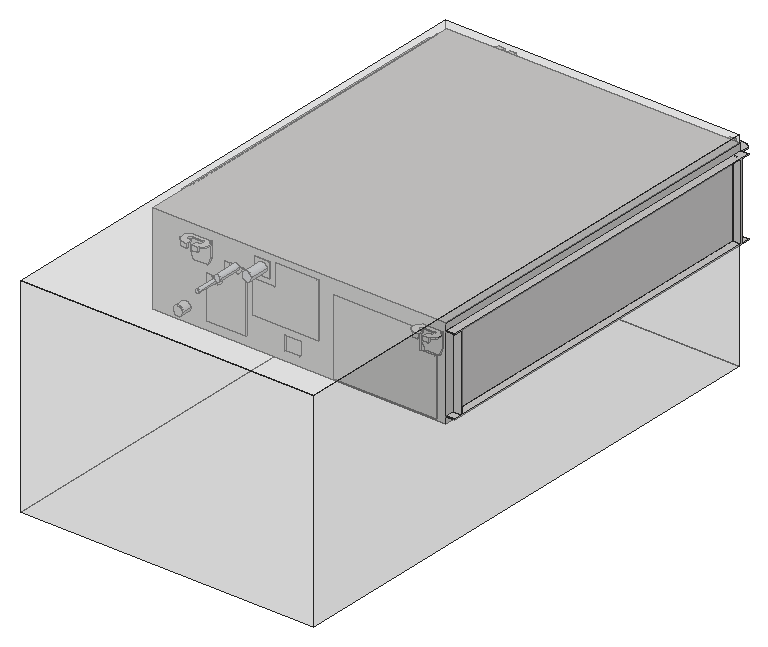
Revit family "outputfile", category 機械設備, Revit 2024
Family settings
  丸型コネクタ寸法 = 半径を使用
  パーツ タイプ = 標準
  OmniClass 番号 = 23.75.10.24.21.27.27
  OmniClass タイトル = Split System Air Conditioning Units
  作業面ベース = いいえ
  常に垂直 = はい
  ロード時にボイドで切り取り = いいえ
  注釈の向きを維持 = いいえ
  共有 = いいえ
  部屋計算ポイント = はい
Parameters (values of type "FXSQ80PAVE")
  Description = ""
  製造元 = "Daikin"
  書き出し IFC クラス(タイプ) = "IfcUnitaryEquipmentType"
  定義済み IFC タイプ(タイプ) = "AIRCONDITIONINGUNIT"
  Cost = 0
  モデル = "FXSQ80PAVE"
  Type Comments = ""
  Keynote = ""
  Type Image = (empty or 0)
  Assembly Code = ""
  r_Liquid Pipe Size = Liquid Pipe Size / 2  # 4.75 mm
  r_Gas Pipe Size = Gas Pipe Size / 2  # 7.95 mm
  r_Drain Pipe Size = Drain Pipe Size / 2  # 12.5 mm
  lw_power = 770.0 mm  # constant formula
  lh_SA = 138.0 mm  # constant formula
  lw_SA = if(Depth = 550.0 mm, 225.0 mm, if(Depth = 700.0 mm, 300.0 mm, if(Depth = 1000.0 mm, 450.0 mm, if(Depth = 1400.0 mm, 650.0 mm, 725.0 mm))))  # 450.0 mm
  lw_RA = if(Depth = 550.0 mm, 275.0 mm, if(Depth = 700.0 mm, 349.0 mm, if(Depth = 1000.0 mm, 499.0 mm, if(Depth = 1400.0 mm, 699.0 mm, 775.0 mm))))  # 499.0 mm
  lh_power = 60.0 mm + [h***]  # 60.0 mm
  lh_mountinghole1 = lh_mountinghole + [h***]  # 222.0 mm
  lh_RA = 123.0 mm  # constant formula
  ld_power = Depth / 2  # 500.0 mm
  Voltage_comment_60Hz = "220"
  Voltage_comment_50Hz = "220-240"
  Voltage_60Hz = 220 V
  Voltage_50Hz = 220 V
  URL = ""
  Supply Air Direction [instance] = yes
  Sound Power Level_H speed (dB) = 65.5
  Phase_60Hz = 1
  Phase_50Hz = 1
  Minimum External Static Pressure = 50.00 Pa
  Minimum Circuit Amps_60Hz = 1.8 A
  Minimum Circuit Amps_50Hz = 1.8 A
  Maximum Fuse Amps_60Hz = 16.0 A
  Maximum Fuse Amps_50Hz = 16.0 A
  Maximum External Static Pressure = 150.00 Pa
  Material_Casing = DAIKIN_GalvanizedSteel_Casing_indoorunit
  lw_mountinghole = 630.0 mm  # constant formula
  lh_gaspipe = 183.0 mm + [h***]  # 183.0 mm
  lh_mountinghole = 222.0 mm  # constant formula
  lh_liquidpipe = 136.0 mm + [h***]  # 136.0 mm
  lh_drainpipe = 207.0 mm + [h***]  # 207.0 mm
  lh_antena = Height - lh_mountinghole + 1.0 mm  # 24.0 mm
  ld_drainpipe = Depth / 2 + 53.0 mm  # 553.0 mm
  ld_liquidpipe = Depth / 2 + 69.0 mm  # 569.0 mm
  ld_gaspipe = Depth / 2 + 65.0 mm  # 565.0 mm
  ld_mountinghole = Depth + 38.0 mm  # 1038.0 mm
  h*** = 0.0 mm  # constant formula
  lw_liquidpipe = 179.0 mm  # constant formula
  lw_gaspipe = 229.0 mm  # constant formula
  lw_drainpipe = 300.0 mm  # constant formula
  Width = 800.0 mm
  Version = "ver.1.0"
  Unit Type = "Middle Static Pressure Duct Type"
  Unit Mass Weight = 37.00 kg
  Unit Designation [instance] = ""
  Uniclass2015Version = "Products v1.30"
  Uniclass2015Title = "Variable refrigerant flow units"
  Uniclass2015Code = "Pr_70_65_03_94"
  Total Heating Capacity [instance] = 0.000 kW
  Total Cooling Capacity [instance] = 0.000 kW
  Sound Pressure Level_M speed (dBA) = 0
  Sound Pressure Level_L speed (dBA) = 30
  Sound Pressure Level_H speed (dBA) = 37.5
  Series = "VRV Fan Coil Unit"
  Sensible Cooling Capacity [instance] = 0.000 kW
  SA Duct Size Width = if(Depth = 550.0 mm, 337.0 mm, if(Depth = 700.0 mm, 492.0 mm, if(Depth = 1000.0 mm, 792.0 mm, if(Depth = 1400.0 mm, 1192.0 mm, 1337.0 mm))))  # 792.0 mm
  SA Duct Size Height = 176.0 mm
  Refrigerant Type = "R410A"
  RA Duct Size Width = if(Depth = 550.0 mm, 502.0 mm, if(Depth = 700.0 mm, 654.0 mm, if(Depth = 1000.0 mm, 952.0 mm, if(Depth = 1400.0 mm, 1352.0 mm, 1502.0 mm))))  # 952.0 mm
  RA Duct Size Height = 208.0 mm
  Power Input (Heating) = 0.225 kW
  Power Input (Cooling) = 0.230 kW
  Option Accessory 3 [instance] = ""
  Option Accessory 2 [instance] = ""
  Option Accessory 1 [instance] = ""
  Nominal Heating Capacity = 10.000 kW
  Nominal Cooling Capacity = 9.000 kW
  Minimum Airflow = 960.00 m³/h
  Median Airflow = 1170.00 m³/h
  Maximum Airflow = 1380.00 m³/h
  Load Classification = HVAC
  Liquid Pipe Size = 9.5 mm
  Link_Nested Family [instance] = ""
  IfcVersion = "0"
  IfcExportType = "AIRCONDITIONINGUNIT"
  IfcExportAs = "IfcUnitaryEquipmentType"
  Height = 245.0 mm
  Heating Entering Wet Bulb Temperature [instance] = 0.00 °C
  Heating Entering Dry Bulb Temperature [instance] = 0.00 °C
  Heating Ambient Wet Bulb Temperature [instance] = 0.00 °C
  Heating Ambient Dry Bulb Temperature [instance] = 0.00 °C
  Heat Exchanger Type = "Cross Fin Coil"
  Gas Pipe Size = 15.9 mm
  Frequency_60Hz = 60 Hz
  Frequency_50Hz = 50 Hz
  Fan Type = "Sirocco Fan"
  Fan Drive = "Direct Drive"
  FCU Tag No. [instance] = ""
  Drain Pipe Size = 25.0 mm
  Design Supply Airflow [instance] = 0.00 m³/h
  Design Return Airflow [instance] = 0.00 m³/h
  Design External Static Pressure [instance] = 0.00 Pa
  Depth = 1000.0 mm
  既定の高さ = 0.0 mm
  Cooling Entering Wet Bulb Temperature [instance] = 0.00 °C
  Cooling Entering Dry Bulb Temperature [instance] = 0.00 °C
  Cooling Ambient Wet Bulb Temperature [instance] = 0.00 °C
  Cooling Ambient Dry Bulb Temperature [instance] = 0.00 °C
  Clearance visibility [instance] = yes
  Clearance Top = 20.0 mm
  Clearance Right = 0.0 mm
  Clearance Rear = 0.0 mm
  Clearance Left = 0.0 mm
  Clearance Front = 450.0 mm
  Clearance Bottom = 300.0 mm
Reference planes
  plane 1 "Center (Front/Back)": y = 0
  plane 2 "h": z = 0
  plane 3 "Center (Left/Right)": x = 0
  plane 4 "Back": y = 500
  plane 5 "Front": y = -500
  plane 6 "Left": x = -400
  plane 7 "Reight": x = 400
  plane 8 "Top": z = 0
  plane 9 "Bottom": z = -245
  plane 10: y = -215
  plane 11: y = 500
  plane 12: y = -950
  plane 13: x = -400
  plane 14: x = 400
  plane 15: z = 20
  plane 16: z = -545
  plane 17: x = -400
  plane 18: x = -399
  plane 19: x = 399
  plane 20: y = 50
  plane 21: y = -1
  plane 22: z = -122
  plane 23: y = -501
  plane 24: z = -109
  plane 25: x = -221
  plane 26: y = -565
  plane 27: z = -62
  plane 28: x = -171
  plane 29: y = -553
  plane 30: z = -38
  plane 31: x = -100
  plane 32: x = -100
  plane 33: x = -221
  plane 34: x = -171
  plane 35: x = 370
  plane 36: x = -266
  plane 37: x = 364
  plane 38: y = -519
  plane 39: y = 519
  plane 40: z = -23
  plane 41: z = -107
  plane 42: y = -570
  plane 43: z = -207
  plane 44: x = -309
  plane 45: y = -526
  plane 46: x = -251
  plane 47: x = -203
  plane 48: x = -144
  plane 49: z = -59
  plane 50: z = -106
  plane 51: z = -221
  plane 52: z = -109
  plane 53: x = -221
  plane 54: z = -62
  plane 55: x = -171
  plane 56: z = -17
  plane 57: z = -59
  plane 58: x = -121
  plane 59: x = -79
  plane 60: x = -125
  plane 61: x = -64
  plane 62: x = 53
  plane 63: z = -164
  plane 64: z = -73
  plane 65: z = -16
  plane 66: x = 93.5
  plane 67: x = 374.5
  plane 68: x = 330
  plane 69: z = -88.5
  plane 70: z = -38
  plane 71: z = -242.5
  plane 72: x = -38.5
  plane 73: x = 6.5
  plane 74: z = -181
  plane 75: z = -221
  plane 76: y = -499
  plane 77: x = -424
  plane 78: x = 424
Forms (mm)
  Extrusion 1, solid, material "DAIKIN_GalvanizedSteel_Casing_indoorunit" <- "Material_Casing"
    sketch origin (0, 0, 0) x (1, 0, 0) y (0, 1, 0)
      loop
        line (-399, 500) -> (-399, -500) -> (399, -500) -> (399, 500) -> (-399, 500)
    from -245 to 0
  Extrusion 2, solid, material "DAIKIN_GalvanizedSteel_Casing_indoorunit" <- "Material_Casing"
    sketch origin (0, 0, 0) x (1, 0, 0) y (0, 0, 1)
      loop
        line (-251, -221) -> (-144, -221) -> (-144, -59) -> (-154.47, -59)
        arc (-154.47, -59) -> (-171, -78.8) -> (-187.53, -59) r 16.8
        line (-187.53, -59) -> (-203, -59) -> (-203, -106) -> (-206.916, -106)
        arc (-206.916, -106) -> (-221, -123.4) -> (-235.084, -106) r 14.4
        line (-235.084, -106) -> (-251, -106) -> (-251, -221)
    from 500 to 501
  Extrusion 3, solid, material "DAIKIN_GalvanizedSteel_Casing_indoorunit" <- "Material_Casing"
    sketch origin (0, 0, 0) x (1, 0, 0) y (0, 0, 1)
      loop
        line (-121, -17) -> (-121, -59) -> (-79, -59) -> (-79, -17) -> (-121, -17)
      loop
        line (-125, -73) -> (-125, -164) -> (53, -164) -> (53, -16) -> (-64, -16) -> (-64, -73) -> (-125, -73)
    from 500 to 501
  Extrusion 4, solid, material "DAIKIN_GalvanizedSteel_Casing_indoorunit" <- "Material_Casing"
    sketch origin (0, 0, 0) x (1, 0, 0) y (0, 0, 1)
      loop
        line (93.5, -38) -> (93.5, -242.5) -> (374.5, -242.5) -> (374.5, -88.5) -> (330, -88.5) -> (330, -38) -> (93.5, -38)
    from 500 to 501
  Extrusion 5, solid
    sketch origin (0, 0, 0) x (1, 0, 0) y (0, 0, 1)
      loop
        circle (-221, -109) r 4.75
    from 500 to 570
  Extrusion 6, solid
    sketch origin (0, 0, 0) x (1, 0, 0) y (0, 0, 1)
      loop
        circle (-171, -62) r 7.95
    from 500 to 565
  Extrusion 7, solid
    sketch origin (0, 0, 0) x (1, 0, 0) y (0, 0, 1)
      loop
        circle (-100, -38) r 12.5
    from 501 to 553
  Extrusion 8, solid, material "DAIKIN_GalvanizedSteel_Casing_indoorunit" <- "Material_Casing"
    sketch origin (0, 0, 0) x (1, 0, 0) y (0, 0, 1)
      loop
        circle (-309, -207) r 13
    from 500 to 526
  Extrusion 9, void
    sketch origin (0, 0, 0) x (1, 0, 0) y (0, 0, 1)
      loop
        line (-38.5, -181) -> (-38.5, -221) -> (6.5, -221) -> (6.5, -181) -> (-38.5, -181)
    from 499 to 500
Cuts and joins
  Extrusion 9 cuts Extrusion 1
Dimensions and locks
  "Height": plane 8 "Top" to plane 9 "Bottom"
  equal spacing: plane 4 "Back", plane 1 "Center (Front/Back)", plane 5 "Front"
  "Depth": plane 4 "Back" to plane 5 "Front"
  equal spacing: plane 6 "Left", plane 3 "Center (Left/Right)", plane 7 "Reight"
  "Width": plane 6 "Left" to plane 7 "Reight"
  "Clearance Left": plane 13 to plane 6 "Left"
  "Clearance Right": plane 7 "Reight" to plane 14
  "Clearance Rear": plane 11 to plane 4 "Back"
  "Clearance Front": plane 5 "Front" to plane 12
  "Clearance Top": plane 15 to plane 8 "Top"
  "Clearance Bottom": plane 9 "Bottom" to plane 16
  locked: plane 17 to plane 18 at 1
  locked: plane 19 to plane 14 at 1
  "lw_SA": plane 11 to plane 20
  "lw_RA": plane 21 to plane 5 "Front"
  "lh_RA": plane 22 to plane 9 "Bottom"
  locked: plane 5 "Front" to plane 23 at 1
  "lw_liquidpipe": plane 25 to plane 6 "Left"
  "lh_liquidpipe": plane 24 to plane 9 "Bottom"
  "lh_gaspipe": plane 27 to plane 9 "Bottom"
  "lw_gaspipe": plane 28 to plane 6 "Left"
  "ld_gaspipe": plane 26 to plane 1 "Center (Front/Back)"
  "ld_drainpipe": plane 29 to plane 1 "Center (Front/Back)"
  "lh_drainpipe": plane 30 to plane 9 "Bottom"
  "lw_drainpipe": plane 31 to plane 6 "Left"
  "lw_drainpipe": plane 6 "Left" to plane 32
  "lw_liquidpipe": plane 6 "Left" to plane 33
  "lw_gaspipe": plane 6 "Left" to plane 34
  "lw_power": plane 6 "Left" to plane 35
  locked: plane 17 to plane 36 at 134
  "lw_mountinghole": plane 36 to plane 37
  equal spacing: plane 38, plane 1 "Center (Front/Back)", plane 39
  "ld_mountinghole": plane 39 to plane 38
  "lh_mountinghole": plane 40 to plane 9 "Bottom"
  "lh_SA": plane 41 to plane 9 "Bottom"
  "ld_liquidpipe": plane 21 to plane 42
  locked: plane 44 to plane 6 "Left" at 91
  locked: plane 43 to plane 9 "Bottom" at 38
  locked: plane 5 "Front" to plane 45 at 26
  plane 48 to plane 47 to plane 46 to plane 6 "Left" = 59.0 mm, 48.0 mm, 149.0 mm
  plane 8 "Top" to plane 49 to plane 50 to plane 51 = 59.0 mm locked, 47.0 mm locked, 115.0 mm locked
  plane 55 to plane 53 to plane 6 "Left" = 50.0 mm locked, 179.0 mm locked
  plane 54 to plane 52 to plane 9 "Bottom" = 47.0 mm locked, 136.0 mm locked
  plane 59 to plane 58 to plane 6 "Left" = 42.0 mm locked, 279.0 mm locked
  plane 8 "Top" to plane 56 to plane 57 = 17.0 mm locked, 42.0 mm locked
  plane 62 to plane 61 to plane 60 to plane 6 "Left" = 117.0 mm, 61.0 mm, 275.0 mm
  plane 8 "Top" to plane 65 to plane 64 = 16.0 mm locked, 57.0 mm locked
  locked: plane 65 to plane 63 at 148
  plane 8 "Top" to plane 70 to plane 69 to plane 71 = 38.0 mm locked, 50.5 mm locked, 154.0 mm locked
  plane 67 to plane 68 to plane 66 to plane 6 "Left" = 44.5 mm locked, 236.5 mm locked, 493.5 mm locked
  plane 8 "Top" to plane 74 to plane 75 = 181.0 mm locked, 40.0 mm locked
  plane 73 to plane 72 to plane 6 "Left" = 45.0 mm, 361.5 mm
  locked: plane 76 to plane 5 "Front" at 1
  locked: plane 77 to plane 17 at 24
  locked: plane 14 to plane 78 at 24
  "r_Liquid Pipe Size": radius of Extrusion 5 sketch curve
  "r_Gas Pipe Size": radius of Extrusion 6 sketch curve
  "r_Drain Pipe Size": radius of Extrusion 7 sketch curve
  aligned and locked: level to plane 2 "h"
  aligned and locked: plane 8 "Top" to Extrusion 1
  aligned and locked: Extrusion 1 to plane 9 "Bottom"
  aligned and locked: nested 5 to plane 12
  aligned and locked: plane 13 to nested 5
  aligned and locked: plane 14 to nested 5
  aligned and locked: nested 5 to plane 13
  aligned and locked: plane 11 to nested 5
  aligned and locked: plane 15 to nested 5
  aligned and locked: plane 16 to nested 5
  aligned and locked: plane 5 "Front" to Extrusion 1 sketch curve
  aligned and locked: Extrusion 1 to plane 18
  aligned and locked: plane 19 to Extrusion 1
  aligned and locked: nested 7 to plane 18
  aligned and locked: nested 7 to plane 20
  aligned and locked: plane 19 to nested 8
  aligned and locked: plane 21 to nested 8
  aligned and locked: plane 22 to nested 8
  aligned and locked: Extrusion 2 to plane 23
  aligned and locked: plane 5 "Front" to Extrusion 2
  aligned and locked: Extrusion 3 to plane 23
  aligned and locked: plane 5 "Front" to Extrusion 3
  aligned and locked: plane 5 "Front" to Extrusion 4
  aligned and locked: Extrusion 5 sketch curve to plane 25
  aligned and locked: plane 24 to Extrusion 5 sketch curve
  aligned and locked: plane 5 "Front" to Extrusion 5
  aligned and locked: Extrusion 6 sketch curve to plane 28
  aligned and locked: plane 27 to Extrusion 6 sketch curve
  aligned and locked: plane 5 "Front" to Extrusion 6
  aligned and locked: Extrusion 7 sketch curve to plane 31
  aligned and locked: Extrusion 7 sketch curve to plane 30
  aligned and locked: Extrusion 7 to plane 29
  aligned and locked: plane 23 to Extrusion 7
  aligned and locked: nested 3 to plane 29
  aligned and locked: plane 32 to nested 3
  aligned and locked: nested 2 to plane 33
  aligned and locked: nested 1 to plane 34
  aligned and locked: Extrusion 6 to plane 26
  aligned and locked: nested 1 to plane 26
  aligned and locked: nested 6 to plane 5 "Front"
  aligned and locked: nested 6 to plane 35
  aligned and locked: plane 36 to nested 10
  aligned and locked: nested 10 to plane 5 "Front"
  aligned and locked: plane 37 to nested 9
  aligned and locked: nested 9 to plane 5 "Front"
  aligned and locked: nested 11 to plane 36
  aligned and locked: plane 4 "Back" to nested 11
  aligned and locked: nested 12 to plane 37
  aligned and locked: plane 4 "Back" to nested 12
  aligned and locked: plane 40 to nested 10
  aligned and locked: plane 40 to nested 11
  aligned and locked: plane 40 to nested 9
  aligned and locked: plane 40 to nested 12
  aligned and locked: plane 36 to nested 14
  aligned and locked: nested 14 to plane 39
  aligned and locked: plane 37 to nested 13
  aligned and locked: nested 13 to plane 39
  aligned and locked: plane 37 to nested 16
  aligned and locked: plane 38 to nested 16
  aligned and locked: plane 38 to nested 15
  aligned and locked: plane 36 to nested 15
  aligned and locked: plane 17 to plane 6 "Left"
  aligned and locked: plane 41 to nested 7
  aligned and locked: Extrusion 5 to plane 42
  aligned and locked: nested 2 to plane 42
  aligned and locked: Extrusion 8 sketch curve to plane 44
  aligned and locked: plane 43 to Extrusion 8 sketch curve
  aligned and locked: plane 5 "Front" to Extrusion 8
  aligned and locked: plane 45 to Extrusion 8
  aligned and locked: Extrusion 3 sketch curve to plane 56
  aligned and locked: Extrusion 3 sketch curve to plane 58
  aligned and locked: plane 57 to Extrusion 3 sketch curve
  aligned and locked: plane 59 to Extrusion 3 sketch curve
  aligned and locked: Extrusion 4 to plane 23
  aligned and locked: Extrusion 9 sketch curve to plane 74
  aligned and locked: plane 75 to Extrusion 9 sketch curve
  aligned and locked: plane 73 to Extrusion 9 sketch curve
  aligned and locked: plane 5 "Front" to Extrusion 9
  aligned and locked: plane 76 to Extrusion 9
  aligned and locked: nested 17 to plane 20
  aligned and locked: nested 17 to plane 77
  aligned and locked: plane 21 to nested 18
  aligned and locked: plane 78 to nested 18
  aligned and locked: plane 41 to nested 17
  aligned and locked: nested 18 to plane 22
  aligned and locked: nested 4 to plane 3 "Center (Left/Right)"
  aligned and locked: plane 1 "Center (Front/Back)" to nested 4
  aligned and locked: level to plane 8 "Top"
Automatic sketch dimensions
  plane 6 "Left" to Extrusion 1 sketch curve = 1.0 mm
  Extrusion 1 sketch curve to plane 7 "Reight" = 1.0 mm
  Extrusion 1 sketch curve to plane 4 "Back" = 0.0 mm
  Extrusion 2 sketch curve to plane 46 = 0.0 mm
  Extrusion 2 sketch curve to plane 33 = 0.0 mm
  Extrusion 2 sketch curve to plane 47 = 0.0 mm
  Extrusion 2 sketch curve to plane 34 = 0.0 mm
  Extrusion 2 sketch curve to plane 48 = 0.0 mm
  Extrusion 2 sketch curve to plane 51 = 0.0 mm
  Extrusion 2 sketch curve to plane 52 = 0.0 mm
  Extrusion 2 sketch curve to plane 50 = 0.0 mm  (x3)
  Extrusion 2 sketch curve to plane 54 = 0.0 mm
  Extrusion 2 sketch curve to plane 49 = 0.0 mm  (x3)
  plane 33 to Extrusion 2 sketch curve = 14.084 mm
  plane 34 to Extrusion 2 sketch curve = 16.53 mm
  Extrusion 3 sketch curve to plane 60 = 0.0 mm
  Extrusion 3 sketch curve to plane 61 = 0.0 mm
  Extrusion 3 sketch curve to plane 62 = 0.0 mm
  Extrusion 3 sketch curve to plane 63 = 0.0 mm
  Extrusion 3 sketch curve to plane 64 = 0.0 mm
  Extrusion 3 sketch curve to plane 65 = 0.0 mm
  Extrusion 4 sketch curve to plane 66 = 0.0 mm
  Extrusion 4 sketch curve to plane 68 = 0.0 mm
  Extrusion 4 sketch curve to plane 67 = 0.0 mm
  Extrusion 4 sketch curve to plane 71 = 0.0 mm
  Extrusion 4 sketch curve to plane 69 = 0.0 mm
  Extrusion 4 sketch curve to plane 70 = 0.0 mm
  Extrusion 9 sketch curve to plane 72 = 0.0 mm
  radius of Extrusion 8 sketch curve = 13.0 mm
Nested families
  nested 1: "daikin_connector_rotate2" at (-171, 0, -62), length <- "ld_gaspipe", built-in parameter 1001364 <- "lh_gaspipe", radius <- "r_Gas Pipe Size", type "daikin_connector_rotate2"
    with radius 7.95 mm, length 565.0 mm, angle_vertical 90.00°
  nested 2: "daikin_connector_rotate2" at (-221, -1, -109), length <- "ld_liquidpipe", built-in parameter 1001364 <- "lh_liquidpipe", radius <- "r_Liquid Pipe Size", type "daikin_connector_rotate2"
    with radius 4.75 mm, length 569.0 mm, angle_vertical 90.00°
  nested 3: "daikin_connector_rotate2" at (-100, 0, -38), length <- "ld_drainpipe", built-in parameter 1001364 <- "lh_drainpipe", radius <- "r_Drain Pipe Size", type "daikin_connector_rotate2"
    with radius 12.5 mm, length 553.0 mm, angle_vertical 90.00°
  nested 4: "daikin_△_symbolicline" at (0, 0, 245) x (0, -1, 0) z (0, 0, 1), built-in parameter 1001364 <- "Height", visible <- "Supply Air Direction", type "daikin_△_symbolicline"
    with length 200.0 mm
  nested 5: "daikin_clearancespace" at (0, -225, -262.381), visible <- "Clearance visibility", show <- "Clearance visibility", Link_Nested Family <- "Link_Nested Family", type "daikin_clearancespace"
    with width 800.0 mm, show yes, height 565.0 mm, depth 1450.0 mm, Link_Nested Family ""
  nested 6: "daikin_connector_rotate2" at (370, 0, -185), built-in parameter 1001364 <- "lh_power", length <- "ld_power", type "daikin_connector_rotate2"
    with radius 10.0 mm, length 500.0 mm, angle_vertical 90.00°
  nested 7: "daikin_ductflange_FXSQ-PAVE2" at (-399, 50, -107) x (0, -1, 0) z (0, 0, 1), type "daikin_ductflange_FXSQ-PAVE2"
    with width 792.0 mm, w 1000.0 mm
  nested 8: "daikin_ductflange_FXSQ-PAVE" at (399, -1, -122) x (0, 1, 0) z (0, 0, 1), type "daikin_ductflange_FXSQ-PAVE"
    with width 952.0 mm, w 1000.0 mm
  nested 9: "daikin_hangerfixture_FXSQ-PAVE" at (364, -500, -23), type "daikin_hangerfixture_FXSQ-PAVE"
  nested 10: "daikin_hangerfixture_FXSQ-PAVE" at (-266, -500, -23), type "daikin_hangerfixture_FXSQ-PAVE"
  nested 11: "daikin_hangerfixture_FXSQ-PAVE" at (-266, 500, -23) x (-1, 0, 0) z (0, 0, 1), type "daikin_hangerfixture_FXSQ-PAVE"
  nested 12: "daikin_hangerfixture_FXSQ-PAVE" at (364, 500, -23) x (-1, 0, 0) z (0, 0, 1), type "daikin_hangerfixture_FXSQ-PAVE"
  nested 13: "daikin_mountinghole" at (364, 519, -245), h_mountinghole <- "lh_mountinghole1", l_antenna <- "lh_antena", Link_Nested Family <- "Link_Nested Family", type "daikin_mountinghole"
    with show yes, l_antenna 24.0 mm, h_mountinghole 222.0 mm, Link_Nested Family ""
  nested 14: "daikin_mountinghole" at (-266, 519, -245), h_mountinghole <- "lh_mountinghole1", l_antenna <- "lh_antena", Link_Nested Family <- "Link_Nested Family", type "daikin_mountinghole"
    with show yes, l_antenna 24.0 mm, h_mountinghole 222.0 mm, Link_Nested Family ""
  nested 15: "daikin_mountinghole" at (-266, -519, -245), h_mountinghole <- "lh_mountinghole1", l_antenna <- "lh_antena", Link_Nested Family <- "Link_Nested Family", type "daikin_mountinghole"
    with show yes, l_antenna 24.0 mm, h_mountinghole 222.0 mm, Link_Nested Family ""
  nested 16: "daikin_mountinghole" at (364, -519, -245), h_mountinghole <- "lh_mountinghole1", l_antenna <- "lh_antena", Link_Nested Family <- "Link_Nested Family", type "daikin_mountinghole"
    with show yes, l_antenna 24.0 mm, h_mountinghole 222.0 mm, Link_Nested Family ""
  nested 17: "daikin_connector_rotate2" at (-400, 50, -107) x (0, -1, 0) z (0, 0, 1), type "daikin_connector_rotate2"
    with radius 10.0 mm, length 24.0 mm, angle_vertical 90.00°
  nested 18: "daikin_connector_rotate2" at (400, -1, -122) x (0, 1, 0) z (0, 0, 1), type "daikin_connector_rotate2"
    with radius 10.0 mm, length 24.0 mm, angle_vertical 90.00°
Connectors
  piping at (-100, -553, -38), diameter 25, driven by "r_Drain Pipe Size"
    settings: on nested 3, index 3, connector inside diameter 609.6 mm, connector length 0.0 mm, flow factor 0, pipe flow 0.00 m³/h, pressure drop 0.0 Pa, fitting loss kfactor 0, connector angle 0.00°, fixture units 0, engagement length 0.0 mm, angle of deflection 0.00°, flow configuration 1, flow direction 2, fitting loss method 4, system type 16, joint type 0, gender type 0, connector reference index -1, connector utility 0, adjustable connector no, is connector primary yes, connector description "Condensate Drain Piping"
  piping at (-171, -565, -62), diameter 15.9, driven by "r_Gas Pipe Size"
    settings: on nested 1, index 4, connector inside diameter 609.6 mm, connector length 0.0 mm, flow factor 0, pipe flow 0.00 m³/h, pressure drop 0.0 Pa, fitting loss kfactor 0, connector angle 0.00°, fixture units 0, engagement length 0.0 mm, angle of deflection 0.00°, flow configuration 1, flow direction 2, fitting loss method 0, system type 29, joint type 0, gender type 0, connector reference index -1, connector utility 0, adjustable connector no, is connector primary no, connector description "Refrigerant Gas Piping"
  piping at (-221, -570, -109), diameter 9.5, driven by "r_Liquid Pipe Size"
    settings: on nested 2, index 5, connector inside diameter 609.6 mm, connector length 0.0 mm, flow factor 0, pipe flow 0.00 m³/h, pressure drop 0.0 Pa, fitting loss kfactor 0, connector angle 0.00°, fixture units 0, engagement length 0.0 mm, angle of deflection 0.00°, flow configuration 1, flow direction 1, fitting loss method 0, system type 29, joint type 0, gender type 0, connector reference index -1, connector utility 0, adjustable connector no, is connector primary no, connector description "Refrigerant Liquid Piping"
  electrical at (370, -500, -185), driven by "Load Classification"
    settings: on nested 6, index 6, voltage 0 V, apparent load 0 VA, apparent load phase1 0 VA, apparent load phase2 0 VA, apparent load phase3 0 VA, power factor 1, load classification "HVAC", number of poles 1, system type 30, power factor state 1, is connector primary yes, connector utility no, sub classification motor no, connector description "Power Supply"
  hvac at (-424, 50, -107), driven by "SA Duct Size Height", driven by "SA Duct Size Width"
    settings: on nested 17, index 7, duct flow 0.00 m³/h, flow factor 0, pres drop 0.00 Pa, loss coef 0, conn angle 0.00°, conn width 792.0 mm, conn height 176.0 mm, conn diameter 609.6 mm, duct sys type 1, conn prof type 1, flow config 0, flow direction 2, loss method 4, conn ref index -1, conn util no, is conn primary yes, conn desc "SA Duct"
  hvac at (424, -1, -122), driven by "RA Duct Size Height", driven by "RA Duct Size Width"
    settings: on nested 18, index 8, duct flow 0.00 m³/h, flow factor 0, pres drop 0.00 Pa, loss coef 0, conn angle 0.00°, conn width 952.0 mm, conn height 208.0 mm, conn diameter 609.6 mm, duct sys type 2, conn prof type 1, flow config 0, flow direction 1, loss method 4, conn ref index -1, conn util no, is conn primary no, conn desc "RA Duct"
Definition of nested family "daikin_clearancespace"
  Parameters (values of type "daikin_clearancespace")
    width [instance] = 1823.963 mm
    show [instance] = yes
    material = none
    height [instance] = 1359.762 mm
    depth [instance] = 880.0 mm
    Default Elevation = 0.0 mm
    Link_Nested Family [instance] = ""
  Reference planes
    plane 1 "Center (Front/Back)": y = 0
    plane 2 "Center (Elevation)": z = -0.119
    plane 3 "Center (Left/Right)": x = 0
    plane 4: y = 440
    plane 5: y = -440
    plane 6 "Right": x = 911.982
    plane 7 "Left": x = -911.982
    plane 8 "Top": z = 679.762
    plane 9 "Bottom": z = -680
  Forms (mm)
    Extrusion 1, solid, material <- "material", visible <- "show"
      sketch origin (0, 0, 0) x (1, 0, 0) y (0, 1, 0)
        loop
          line (-911.982, 440) -> (-911.982, -440) -> (911.982, -440) -> (911.982, 440) -> (-911.982, 440)
      from -680 to 679.762
  Lines and regions (mm)
    symbolic lines, visible <- "show"
      curve 1: line (911.982, 440, 0) -> (-911.982, 440, 0)
      curve 2: line (-911.982, 440, 0) -> (-911.982, -440, 0)
      curve 3: line (-911.982, -440, 0) -> (911.982, -440, 0)
      curve 4: line (911.982, -440, 0) -> (911.982, 440, 0)
      curve 5: line (911.982, 0, 679.762) -> (-911.982, 0, 679.762)
      curve 6: line (911.982, 0, -680) -> (911.982, 0, 679.762)
      curve 7: line (-911.982, 0, -680) -> (911.982, 0, -680)
      curve 8: line (-911.982, 0, 679.762) -> (-911.982, 0, -680)
      curve 9: line (0, 440, 679.762) -> (0, -440, 679.762)
      curve 10: line (0, -440, 679.762) -> (0, -440, -680)
      curve 11: line (0, 440, -680) -> (0, 440, 679.762)
      curve 12: line (0, -440, -680) -> (0, 440, -680)
  Dimensions and locks
    "width": plane 7 "Left" to plane 6 "Right"
    "depth": plane 4 to plane 5
    "height": plane 8 "Top" to plane 9 "Bottom"
    equal spacing: plane 7 "Left", plane 3 "Center (Left/Right)", plane 6 "Right"
    equal spacing: plane 4, plane 1 "Center (Front/Back)", plane 5
    equal spacing: plane 8 "Top", plane 2 "Center (Elevation)", plane 9 "Bottom"
    aligned and locked: level to plane 2 "Center (Elevation)"
    aligned and locked: Extrusion 1 sketch curve to plane 4
    aligned and locked: plane 7 "Left" to Extrusion 1 sketch curve
    aligned and locked: Extrusion 1 sketch curve to plane 5
    aligned and locked: Extrusion 1 sketch curve to plane 6 "Right"
    aligned and locked: plane 8 "Top" to Extrusion 1
    aligned and locked: curve 1 to Extrusion 1
    aligned and locked: curve 2 to Extrusion 1
    aligned and locked: curve 3 to Extrusion 1
    aligned and locked: curve 4 to Extrusion 1
    aligned and locked: curve 5 to Extrusion 1
    aligned and locked: curve 6 to Extrusion 1
    aligned and locked: curve 7 to Extrusion 1
    aligned and locked: curve 8 to Extrusion 1
    aligned and locked: curve 9 to Extrusion 1
    aligned and locked: curve 10 to Extrusion 1
    aligned and locked: curve 11 to Extrusion 1
    aligned and locked: curve 12 to Extrusion 1
    aligned and locked: Extrusion 1 to plane 9 "Bottom"
Definition of nested family "daikin_ductflange_FXSQ-PAVE2"
  Parameters (values of type "daikin_ductflange_FXMQ-PAVE2")
    width = if(w = 550.0 mm, 337.0 mm, if(w = 700.0 mm, 492.0 mm, if(w = 1000.0 mm, 792.0 mm, if(w = 1400.0 mm, 1192.0 mm, 1337.0 mm))))  # 337.0 mm
    material = none
    height = 215.0 mm
    depth = 1.0 mm
    w = 550.0 mm
    Default Elevation = 0.0 mm
  Reference planes
    plane 1 "Center (Front/Back)": y = 0
    plane 2: z = 0
    plane 3 "Center (Left/Right)": x = 0
    plane 4: z = 88
    plane 5: z = -88
    plane 6: y = -25
    plane 7: z = 106
    plane 8: z = 89
    plane 9: y = -1
    plane 10: x = -192.5
    plane 11: x = 192.5
    plane 12: z = -106
    plane 13: z = -89
    plane 14: y = -1
    plane 15: x = 168.5
    plane 16: x = -168.5
    plane 17: x = 169.5
    plane 18: z = 87
    plane 19: z = -87
    plane 20: x = -169.5
    plane 21: z = 87
    plane 22: z = -87
    plane 23: y = -1
  Forms (mm)
    Extrusion 1, solid, material <- "material"
      sketch origin (0, 0, 0) x (0, 1, 0) y (0, 0, 1)
        loop
          line (-25, 88) -> (0, 88) -> (0, 106) -> (-1, 106) -> (-1, 89) -> (-25, 89) -> (-25, 88)
      from -192.5 to 192.5
    Extrusion 2, solid, material <- "material"
      sketch origin (0, 0, 0) x (0, 1, 0) y (0, 0, 1)
        loop
          line (-25, -88) -> (-25, -89) -> (-1, -89) -> (-1, -106) -> (0, -106) -> (0, -88) -> (-25, -88)
      from -192.5 to 192.5
    Extrusion 3, solid, material <- "material"
      sketch origin (0, 0, 0) x (1, 0, 0) y (0, 0, 1)
        loop
          line (168.5, 88) -> (168.5, -88) -> (192.5, -88) -> (192.5, -87) -> (169.5, -87) -> (169.5, 87) -> (192.5, 87) -> (192.5, 88) -> (168.5, 88)
      from 0 to 25
    Extrusion 4, solid, material <- "material"
      sketch origin (0, 0, 0) x (1, 0, 0) y (0, 0, 1)
        loop
          line (-192.5, 88) -> (-192.5, 87) -> (-169.5, 87) -> (-169.5, -87) -> (-192.5, -87) -> (-192.5, -88) -> (-168.5, -88) -> (-168.5, 88) -> (-192.5, 88)
      from 0 to 25
    Extrusion 5, solid, material <- "material"
      sketch origin (0, 0, 0) x (1, 0, 0) y (0, 0, 1)
        loop
          line (-192.5, 88) -> (-192.5, -88) -> (-168.5, -88) -> (-168.5, 88) -> (-192.5, 88)
        loop
          line (192.5, 88) -> (168.5, 88) -> (168.5, -88) -> (192.5, -88) -> (192.5, 88)
      from 0 to 1
  Cuts and joins
    joined: Extrusion 1, Extrusion 2, Extrusion 3, Extrusion 4, Extrusion 5
  Dimensions and locks
    plane 4 to level to plane 5 = 88.0 mm, 88.0 mm
    locked: plane 6 to plane 1 "Center (Front/Back)" at 25
    locked: plane 9 to plane 1 "Center (Front/Back)" at 1
    locked: plane 8 to plane 4 at 1
    locked: plane 16 to plane 10 at 24
    locked: plane 17 to plane 15 at 1
    locked: plane 4 to plane 18 at 1
    locked: plane 19 to plane 5 at 1
    "width": plane 15 to plane 16
    plane 4 to plane 5 = 176.0 mm
    locked: plane 16 to plane 20 at 1
    locked: plane 4 to plane 21 at 1
    locked: plane 22 to plane 5 at 1
    locked: plane 23 to plane 1 "Center (Front/Back)" at 1
    plane 4 to level to plane 5 = 88.0 mm locked, 88.0 mm locked
    locked: plane 5 to plane 13 at 1
    locked: plane 5 to plane 12 at 18
    locked: plane 7 to plane 4 at 18
    equal spacing: plane 15, plane 3 "Center (Left/Right)", plane 16
    locked: plane 11 to plane 15 at 24
    plane 11 to plane 10 = 385.0 mm
    aligned and locked: level to plane 2
    aligned and locked: Extrusion 1 to plane 10
    aligned and locked: plane 11 to Extrusion 1
    aligned and locked: plane 5 to Extrusion 2
    aligned and locked: Extrusion 2 to plane 1 "Center (Front/Back)"
    aligned and locked: plane 15 to Extrusion 3 sketch curve
    aligned and locked: Extrusion 3 sketch curve to Extrusion 2  (x2)
    aligned and locked: Extrusion 3 sketch curve to plane 11
    aligned and locked: plane 6 to Extrusion 3
    aligned and locked: Extrusion 2 to plane 10
    aligned and locked: plane 11 to Extrusion 2
    aligned and locked: Extrusion 4 sketch curve to Extrusion 1  (x2)
    aligned and locked: plane 5 to Extrusion 4 sketch curve
    aligned and locked: Extrusion 4 sketch curve to plane 16
    aligned and locked: Extrusion 4 sketch curve to plane 22
    aligned and locked: plane 20 to Extrusion 4 sketch curve
    aligned and locked: plane 21 to Extrusion 4 sketch curve
    aligned and locked: Extrusion 4 to plane 1 "Center (Front/Back)"
    aligned and locked: plane 6 to Extrusion 4
    aligned and locked: Extrusion 5 sketch curve to Extrusion 1  (x4)
    aligned and locked: Extrusion 5 sketch curve to Extrusion 4  (x2)
    aligned and locked: Extrusion 5 sketch curve to Extrusion 3  (x2)
    aligned and locked: Extrusion 5 to plane 1 "Center (Front/Back)"
    aligned and locked: plane 23 to Extrusion 5
  Automatic sketch dimensions
    Extrusion 1 sketch curve to plane 6 = 0.0 mm
    Extrusion 1 sketch curve to plane 7 = 0.0 mm
    Extrusion 1 sketch curve to plane 9 = 0.0 mm
    Extrusion 1 sketch curve to plane 1 "Center (Front/Back)" = 0.0 mm
    Extrusion 1 sketch curve to plane 4 = 0.0 mm
    Extrusion 1 sketch curve to plane 8 = 0.0 mm
    Extrusion 2 sketch curve to plane 6 = 0.0 mm
    plane 12 to Extrusion 2 sketch curve = 0.0 mm
    Extrusion 2 sketch curve to plane 14 = 0.0 mm
    Extrusion 2 sketch curve to plane 1 "Center (Front/Back)" = 0.0 mm
    plane 13 to Extrusion 2 sketch curve = 0.0 mm
    Extrusion 2 sketch curve to plane 5 = 0.0 mm
    Extrusion 3 sketch curve to plane 17 = 0.0 mm
    Extrusion 3 sketch curve to plane 19 = 0.0 mm
    Extrusion 3 sketch curve to plane 18 = 0.0 mm
    Extrusion 3 sketch curve to plane 4 = 0.0 mm
    Extrusion 4 sketch curve to plane 10 = 0.0 mm
Definition of nested family "daikin_ductflange_FXSQ-PAVE"
  Parameters (values of type "daikin_ductflange_FXMQ-PAVE")
    width = if(w = 550.0 mm, 502.0 mm, if(w = 700.0 mm, 654.0 mm, if(w = 1000.0 mm, 952.0 mm, if(w = 1400.0 mm, 1352.0 mm, 1502.0 mm))))  # 502.0 mm
    material = none
    height = 208.0 mm
    depth = 1.0 mm
    w = 550.0 mm
    Default Elevation = 0.0 mm
  Reference planes
    plane 1 "Center (Front/Back)": y = 0
    plane 2: z = 0
    plane 3 "Center (Left/Right)": x = 0
    plane 4: z = 104
    plane 5: z = -104
    plane 6: y = -25
    plane 7: z = 121
    plane 8: z = 105
    plane 9: y = -1
    plane 10: x = -275
    plane 11: x = 275
    plane 12: z = -122
    plane 13: z = -105
    plane 14: y = -1
    plane 15: x = 251
    plane 16: x = -251
    plane 17: x = 252
    plane 18: z = 103
    plane 19: z = -103
    plane 20: x = -252
    plane 21: z = 103
    plane 22: z = -103
    plane 23: y = -1
  Forms (mm)
    Extrusion 1, solid, material <- "material"
      sketch origin (0, 0, 0) x (0, 1, 0) y (0, 0, 1)
        loop
          line (-25, 104) -> (0, 104) -> (0, 121) -> (-1, 121) -> (-1, 105) -> (-25, 105) -> (-25, 104)
      from -275 to 275
    Extrusion 2, solid, material <- "material"
      sketch origin (0, 0, 0) x (0, 1, 0) y (0, 0, 1)
        loop
          line (-25, -104) -> (-25, -105) -> (-1, -105) -> (-1, -122) -> (0, -122) -> (0, -104) -> (-25, -104)
      from -275 to 275
    Extrusion 3, solid, material <- "material"
      sketch origin (0, 0, 0) x (1, 0, 0) y (0, 0, 1)
        loop
          line (251, 104) -> (251, -104) -> (275, -104) -> (275, -103) -> (252, -103) -> (252, 103) -> (275, 103) -> (275, 104) -> (251, 104)
      from 0 to 25
    Extrusion 4, solid, material <- "material"
      sketch origin (0, 0, 0) x (1, 0, 0) y (0, 0, 1)
        loop
          line (-275, 104) -> (-275, 103) -> (-252, 103) -> (-252, -103) -> (-275, -103) -> (-275, -104) -> (-251, -104) -> (-251, 104) -> (-275, 104)
      from 0 to 25
    Extrusion 5, solid, material <- "material"
      sketch origin (0, 0, 0) x (1, 0, 0) y (0, 0, 1)
        loop
          line (-275, 104) -> (-275, -104) -> (-251, -104) -> (-251, 104) -> (-275, 104)
        loop
          line (275, 104) -> (251, 104) -> (251, -104) -> (275, -104) -> (275, 104)
      from 0 to 1
  Cuts and joins
    joined: Extrusion 1, Extrusion 2, Extrusion 3, Extrusion 4, Extrusion 5
  Dimensions and locks
    plane 4 to level to plane 5 = 104.0 mm, 104.0 mm
    locked: plane 6 to plane 1 "Center (Front/Back)" at 25
    locked: plane 9 to plane 1 "Center (Front/Back)" at 1
    locked: plane 8 to plane 4 at 1
    locked: plane 11 to plane 15 at 24
    locked: plane 16 to plane 10 at 24
    locked: plane 17 to plane 15 at 1
    locked: plane 4 to plane 18 at 1
    locked: plane 19 to plane 5 at 1
    "width": plane 15 to plane 16
    equal spacing: plane 15, plane 3 "Center (Left/Right)", plane 16
    locked: plane 16 to plane 20 at 1
    locked: plane 4 to plane 21 at 1
    locked: plane 22 to plane 5 at 1
    locked: plane 23 to plane 1 "Center (Front/Back)" at 1
    locked: plane 7 to plane 4 at 17
    locked: plane 1 "Center (Front/Back)" to plane 14 at 1
    locked: plane 5 to plane 13 at 1
    "height": plane 4 to plane 5
    plane 11 to plane 10 = 550.0 mm
    locked: plane 12 to plane 13 at 17
    equal spacing: plane 4, level, plane 5
    aligned and locked: level to plane 2
    aligned and locked: Extrusion 1 to plane 10
    aligned and locked: plane 11 to Extrusion 1
    aligned and locked: plane 5 to Extrusion 2
    aligned and locked: Extrusion 2 to plane 1 "Center (Front/Back)"
    aligned and locked: plane 15 to Extrusion 3 sketch curve
    aligned and locked: Extrusion 3 sketch curve to Extrusion 2  (x2)
    aligned and locked: Extrusion 3 sketch curve to plane 11
    aligned and locked: plane 6 to Extrusion 3
    aligned and locked: Extrusion 2 to plane 10
    aligned and locked: plane 11 to Extrusion 2
    aligned and locked: Extrusion 4 sketch curve to Extrusion 1  (x2)
    aligned and locked: plane 5 to Extrusion 4 sketch curve
    aligned and locked: Extrusion 4 sketch curve to plane 16
    aligned and locked: Extrusion 4 sketch curve to plane 22
    aligned and locked: plane 20 to Extrusion 4 sketch curve
    aligned and locked: plane 21 to Extrusion 4 sketch curve
    aligned and locked: Extrusion 4 to plane 1 "Center (Front/Back)"
    aligned and locked: plane 6 to Extrusion 4
    aligned and locked: Extrusion 5 sketch curve to Extrusion 1  (x4)
    aligned and locked: Extrusion 5 sketch curve to Extrusion 4  (x2)
    aligned and locked: Extrusion 5 sketch curve to Extrusion 3  (x2)
    aligned and locked: Extrusion 5 to plane 1 "Center (Front/Back)"
    aligned and locked: plane 23 to Extrusion 5
  Automatic sketch dimensions
    Extrusion 1 sketch curve to plane 6 = 0.0 mm
    Extrusion 1 sketch curve to plane 7 = 0.0 mm
    Extrusion 1 sketch curve to plane 9 = 0.0 mm
    Extrusion 1 sketch curve to plane 1 "Center (Front/Back)" = 0.0 mm
    Extrusion 1 sketch curve to plane 4 = 0.0 mm
    Extrusion 1 sketch curve to plane 8 = 0.0 mm
    Extrusion 2 sketch curve to plane 6 = 0.0 mm
    plane 12 to Extrusion 2 sketch curve = 0.0 mm
    Extrusion 2 sketch curve to plane 14 = 0.0 mm
    Extrusion 2 sketch curve to plane 1 "Center (Front/Back)" = 0.0 mm
    plane 13 to Extrusion 2 sketch curve = 0.0 mm
    Extrusion 2 sketch curve to plane 5 = 0.0 mm
    Extrusion 3 sketch curve to plane 17 = 0.0 mm
    Extrusion 3 sketch curve to plane 19 = 0.0 mm
    Extrusion 3 sketch curve to plane 18 = 0.0 mm
    Extrusion 3 sketch curve to plane 4 = 0.0 mm
    Extrusion 4 sketch curve to plane 10 = 0.0 mm
Definition of nested family "daikin_hangerfixture_FXSQ-PAVE"
  Parameters (values of type "daikin_hangerfixture_FXMQ-PAVE")
    width = 72.0 mm
    material = none
    height = 60.0 mm
    depth = 41.0 mm
    Default Elevation = 0.0 mm
  Reference planes
    plane 1 "Center (Front/Back)": y = 0
    plane 2: z = 0
    plane 3 "Center (Left/Right)": x = 0
    plane 4: y = 417.146
    plane 5: y = -41
    plane 6: x = -36
    plane 7: x = 36
    plane 8: z = -2.3
    plane 9: z = -60
    plane 10: y = -2.3
    plane 11: z = -12
    plane 12: y = -38.7
  Forms (mm)
    Extrusion 1, solid, material <- "material"
      sketch origin (0, 0, 0) x (1, 0, 0) y (0, 1, 0)
        loop
          line (-28, 0) -> (-28, -5)
          arc (-28, -5) -> (-29.127, -8.162) -> (-32, -9.899) r 5
          arc (-32, -9.899) -> (-34.873, -11.636) -> (-36, -14.798) r 5
          line (-36, -14.798) -> (-36, -27.178)
          arc (-36, -27.178) -> (-35.429, -29.499) -> (-33.846, -31.289) r 5
          line (-33.846, -31.289) -> (-23, -38.798) -> (-23, -41.098) -> (-6.5, -41.098) -> (-6.5, -28.498)
          arc (-6.5, -28.498) -> (-7.379, -26.377) -> (-9.5, -25.498) r 3
          line (-9.5, -25.498) -> (-13.5, -25.498)
          arc (-13.5, -25.498) -> (-20, -18.998) -> (-13.5, -12.498) r 6.5
          line (-13.5, -12.498) -> (13.5, -12.498)
          arc (13.5, -12.498) -> (20, -18.998) -> (13.5, -25.498) r 6.5
          line (13.5, -25.498) -> (9.5, -25.498)
          arc (9.5, -25.498) -> (7.379, -26.377) -> (6.5, -28.498) r 3
          line (6.5, -28.498) -> (6.5, -41.098) -> (23, -41.098) -> (23, -38.798) -> (33.846, -31.289)
          arc (33.846, -31.289) -> (35.429, -29.499) -> (36, -27.178) r 5
          line (36, -27.178) -> (36, -14.596)
          arc (36, -14.596) -> (34.873, -11.434) -> (32, -9.697) r 5
          arc (32, -9.697) -> (29.127, -7.96) -> (28, -4.798) r 5
          line (28, -4.798) -> (28, 0) -> (-28, 0)
      from 0 to -2.3
    Extrusion 2, solid, material <- "material"
      sketch origin (0, 0, 0) x (1, 0, 0) y (0, 0, 1)
        loop
          line (28, -39.037) -> (28, 0) -> (-28, 0) -> (-28, -39.037)
          arc (-28, -39.037) -> (-27.91, -39.983) -> (-27.642, -40.894) r 5
          line (-27.642, -40.894) -> (-21.257, -56.857)
          arc (-21.257, -56.857) -> (-19.418, -59.14) -> (-16.615, -60) r 5
          line (-16.615, -60) -> (16.615, -60)
          arc (16.615, -60) -> (19.418, -59.14) -> (21.257, -56.857) r 5
          line (21.257, -56.857) -> (27.642, -40.894)
          arc (27.642, -40.894) -> (27.91, -39.983) -> (28, -39.037) r 5
      from 0 to 2.3
    Extrusion 3, solid, material <- "material"
      sketch origin (0, 0, 0) x (1, 0, 0) y (0, 0, 1)
        loop
          line (-23, 0) -> (-23, -9)
          arc (-23, -9) -> (-22.121, -11.121) -> (-20, -12) r 3
          line (-20, -12) -> (-9.5, -12)
          arc (-9.5, -12) -> (-7.379, -11.121) -> (-6.5, -9) r 3
          line (-6.5, -9) -> (-6.5, 0) -> (-23, 0)
        loop
          line (23, 0) -> (6.5, 0) -> (6.5, -9)
          arc (6.5, -9) -> (7.379, -11.121) -> (9.5, -12) r 3
          line (9.5, -12) -> (20, -12)
          arc (20, -12) -> (22.121, -11.121) -> (23, -9) r 3
          line (23, -9) -> (23, 0)
      from 38.8 to 41.098
  Cuts and joins
    joined: Extrusion 1, Extrusion 2, Extrusion 3
  Dimensions and locks
    plane 2 to plane 8 = 2.3 mm
    "height": plane 2 to plane 9
    locked: plane 10 to plane 1 "Center (Front/Back)" at 2.3
    locked: plane 2 to plane 11 at 12
    locked: plane 12 to plane 5 at 2.3
    aligned and locked: level to plane 2
    aligned and locked: Extrusion 1 to plane 8
    aligned and locked: plane 2 to Extrusion 1
    aligned and locked: plane 2 to Extrusion 2 sketch curve
    aligned and locked: Extrusion 2 to plane 10
    aligned and locked: Extrusion 2 to plane 1 "Center (Front/Back)"
    aligned and locked: Extrusion 3 sketch curve to cut or joined group of Extrusion 1, Extrusion 2, Extrusion 3  (x3)
    aligned and locked: cut or joined group of Extrusion 1, Extrusion 2, Extrusion 3 to Extrusion 3
  Automatic sketch dimensions
    Extrusion 2 sketch curve to plane 7 = 8.0 mm
    Extrusion 2 sketch curve to plane 8 = 36.737 mm
    plane 6 to Extrusion 2 sketch curve = 19.385 mm
    Extrusion 1 sketch curve to plane 6 = 0.0 mm
    plane 1 "Center (Front/Back)" to Extrusion 1 sketch curve = 0.0 mm
    Extrusion 1 sketch curve to plane 7 = 0.0 mm
    plane 6 to Extrusion 1 sketch curve = 2.154 mm
    plane 6 to Extrusion 1 sketch curve = 3.0 mm
    Extrusion 1 sketch curve to Extrusion 1 sketch curve = 5.0 mm  (x3)
    Extrusion 1 sketch curve to plane 12 = 0.098 mm  (x2)
    Extrusion 1 sketch curve to Extrusion 1 sketch curve = 4.0 mm  (x2)
    Extrusion 1 sketch curve to plane 5 = 0.098 mm  (x2)
    Extrusion 1 sketch curve to plane 3 "Center (Left/Right)" = 6.5 mm
    plane 3 "Center (Left/Right)" to Extrusion 1 sketch curve = 6.5 mm
    Extrusion 1 sketch curve to Extrusion 1 sketch curve = 3.0 mm
    Extrusion 1 sketch curve to plane 7 = 8.0 mm
    Extrusion 1 sketch curve to plane 7 = 5.0 mm
    Extrusion 1 sketch curve to plane 7 = 3.0 mm
    Extrusion 1 sketch curve to plane 7 = 2.154 mm
    plane 12 to Extrusion 1 sketch curve = 7.411 mm  (x2)
    plane 12 to Extrusion 1 sketch curve = 10.202 mm  (x2)
    Extrusion 1 sketch curve to Extrusion 1 sketch curve = 6.5 mm  (x2)
    Extrusion 1 sketch curve to Extrusion 1 sketch curve = 12.38 mm
    Extrusion 1 sketch curve to plane 10 = 12.296 mm
    Extrusion 1 sketch curve to plane 10 = 2.7 mm
    Extrusion 1 sketch curve to plane 10 = 2.498 mm
    plane 6 to Extrusion 1 sketch curve = 4.0 mm
    Extrusion 1 sketch curve to Extrusion 1 sketch curve = 0.0 mm  (x2)
    Extrusion 1 sketch curve to plane 7 = 4.0 mm
    Extrusion 1 sketch curve to Extrusion 1 sketch curve = 4.111 mm
    Extrusion 3 sketch curve to level = 0.0 mm  (x2)
    Extrusion 3 sketch curve to plane 11 = 0.0 mm  (x2)
    plane 11 to Extrusion 3 sketch curve = 3.0 mm  (x2)
    plane 3 "Center (Left/Right)" to Extrusion 3 sketch curve = 6.5 mm
    Extrusion 3 sketch curve to Extrusion 3 sketch curve = 3.0 mm  (x2)
    Extrusion 2 sketch curve to plane 9 = 0.0 mm
    Extrusion 2 sketch curve to Extrusion 2 sketch curve = 11.385 mm
    plane 6 to Extrusion 2 sketch curve = 8.0 mm
    plane 9 to Extrusion 2 sketch curve = 20.963 mm
    Extrusion 2 sketch curve to Extrusion 2 sketch curve = 5.0 mm  (x2)
    plane 9 to Extrusion 2 sketch curve = 3.143 mm  (x3)
    Extrusion 2 sketch curve to Extrusion 2 sketch curve = 4.642 mm  (x2)
    Extrusion 2 sketch curve to Extrusion 2 sketch curve = 0.0 mm  (x2)
    Extrusion 2 sketch curve to Extrusion 2 sketch curve = 0.358 mm
    Extrusion 2 sketch curve to Extrusion 2 sketch curve = 1.857 mm  (x2)
Definition of nested family "daikin_connector_rotate2"
  Parameters (values of type "daikin_connector_rotate2")
    Default Elevation = 1219.2 mm
    show_face = no
    radius [instance] = 10.0 mm
    length [instance] = 600.0 mm
    d_surface = 10.0 mm
    angle_vertical [instance] = 90.00°
  Reference planes
    plane 1 "Center (Front/Back)": y = 0
    plane 2: z = 0
    plane 3 "Center (Left/Right)": x = 0
  Forms (mm)
    Extrusion 1, solid, visible <- "show_face"
      sketch origin (0, -600, 0) x (1, 0, 0) y (0, 0, 1)
        loop
          circle (0, 0) r 10
      from 0 to -10
  Lines and regions (mm)
    reference lines
      curve 1: line (0, 0, 0) -> (0, -600, 0)
    symbolic lines
      curve 2: circle (0, 0, 0) r 5 normal (0, 0, 1)
    model lines, visible <- "show_face"
      curve 3: line (0, 0, 0) -> (0, -600, 0)
  Dimensions and locks
    "length": curve 1 to curve 1
    "length": curve 3 to curve 3
    "d_surface": Extrusion 1 to Extrusion 1
    "radius": radius of Extrusion 1 sketch curve
    "angle_vertical": angle curve 1 to plane 1 "Center (Front/Back)"
    "angle_vertical": angle curve 3 to plane 1 "Center (Front/Back)"
    aligned and locked: level to plane 2
    aligned and locked: plane 1 "Center (Front/Back)" to curve 1
    aligned and locked: plane 2 to curve 1
    aligned and locked: plane 1 "Center (Front/Back)" to curve 2
    aligned and locked: plane 3 "Center (Left/Right)" to curve 2
    aligned and locked: plane 1 "Center (Front/Back)" to curve 3
    aligned and locked: plane 2 to curve 3
    aligned and locked: Extrusion 1 to Extrusion 1
  Automatic sketch dimensions
    Extrusion 1 sketch curve to level = 0.0 mm
    Extrusion 1 sketch curve to plane 3 "Center (Left/Right)" = 0.0 mm
    radius of curve 2 = 5.0 mm
Definition of nested family "daikin_△_symbolicline"
  Parameters (values of type "daikin_△_symbolicline")
    length [instance] = 200.0 mm
    Default Elevation = 0.0 mm
  Reference planes
    plane 1 "Center (Front/Back)": y = 0
    plane 2: z = 0
    plane 3 "Center (Left/Right)": x = 0
  Lines and regions (mm)
    symbolic lines
      curve 1: line (0, -173.205, 0) -> (100, 0, 0)
      curve 2: line (100, 0, 0) -> (-100, 0, 0)
      curve 3: line (-100, 0, 0) -> (0, -173.205, 0)
  Dimensions and locks
    equal spacing: curve 3, plane 3 "Center (Left/Right)", curve 2
    "length": curve 3 to curve 2
    "length": curve 3 to curve 3
    "length": curve 1 to curve 1
    aligned and locked: level to plane 2
    aligned and locked: curve 2 to plane 1 "Center (Front/Back)"
    aligned and locked: plane 3 "Center (Left/Right)" to curve 3
Definition of nested family "daikin_mountinghole"
  Parameters (values of type "daikin_mountinghole")
    Default Elevation = 1219.2 mm
    Type Comments = "mountinghole"
    show [instance] = yes
    material = none
    l_centerline = 100.0 mm
    l_antenna [instance] = 100.0 mm
    h_mountinghole [instance] = 0.0 mm
    d_circle = 30.0 mm
    Link_Nested Family [instance] = ""
  Reference planes
    plane 1 "Center (Front/Back)": y = 0
    plane 2: z = 0
    plane 3 "Center (Left/Right)": x = 0
    plane 4: y = 50
    plane 5: x = -50
    plane 6: x = 50
    plane 7: y = -50
    plane 8 "h_mountinghole": z = 0
    plane 9: z = 100
  Lines and regions (mm)
    model lines, detail levels fine
      curve 1: circle (0, 0, 0) r 15 normal (0, 0, 1)
      curve 2: line (-50, 0, 0) -> (50, 0, 0)
      curve 3: line (0, 50, 0) -> (0, -50, 0)
    symbolic lines, detail levels fine
      curve 4: circle (0, 0, 0) r 15 normal (0, 0, 1)
      curve 5: line (-50, 0, 0) -> (50, 0, 0)
      curve 6: line (0, 50, 0) -> (0, -50, 0)
    model lines
      curve 7: line (0, 0, 100) -> (0, 0, 0)
  Dimensions and locks
    equal spacing: plane 4, plane 1 "Center (Front/Back)", plane 7
    "l_centerline": plane 4 to plane 7
    equal spacing: plane 5, plane 3 "Center (Left/Right)", plane 6
    "l_centerline": plane 5 to plane 6
    "l_antenna": plane 9 to plane 8 "h_mountinghole"
    "h_mountinghole": plane 8 "h_mountinghole" to plane 2
    "d_circle": diameter of curve 1
    "d_circle": diameter of curve 4
    aligned and locked: level to plane 2
    aligned and locked: plane 1 "Center (Front/Back)" to curve 1
    aligned and locked: plane 3 "Center (Left/Right)" to curve 1
    aligned and locked: plane 1 "Center (Front/Back)" to curve 2
    aligned and locked: curve 3 to plane 3 "Center (Left/Right)"
    aligned and locked: plane 6 to curve 2
    aligned and locked: plane 5 to curve 2
    aligned and locked: plane 4 to curve 3
    aligned and locked: plane 7 to curve 3
    aligned and locked: plane 1 "Center (Front/Back)" to curve 4
    aligned and locked: plane 3 "Center (Left/Right)" to curve 4
    aligned and locked: plane 6 to curve 5
    aligned and locked: plane 5 to curve 5
    aligned and locked: plane 1 "Center (Front/Back)" to curve 5
    aligned and locked: plane 4 to curve 6
    aligned and locked: plane 7 to curve 6
    aligned and locked: curve 6 to plane 3 "Center (Left/Right)"
    aligned and locked: curve 7 to plane 3 "Center (Left/Right)"
    aligned and locked: plane 9 to curve 7
    aligned and locked: plane 8 "h_mountinghole" to curve 7
